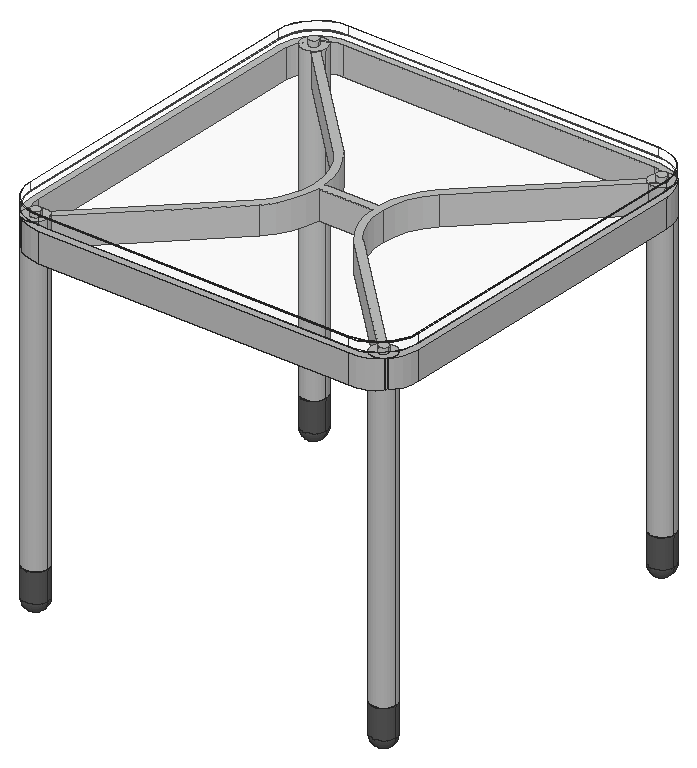
Revit family "805-20SH_Square", category Furniture, Revit 2024
Family settings
  OmniClass Number = 23.40.20.00
  OmniClass Title = General Furniture and Specialties
  Work Plane-Based = No
  Enable Cutting in Views = No
  Always vertical = Yes
  Cut with Voids When Loaded = No
  Render Appearance Source = Family Geometry
  Shared = No
  Room Calculation Point = No
Parameters
  Top Width = 1' - 7.99719"
  Overall Height = 1' - 7"
  Metal Frame = yes
  Default Elevation = 0' - 0"
  Crossbar Height = 0' - 1 15/32"
  Anklet = yes
Reference planes (in)
  plane 1 "Center Front/Back": y = 0
  plane 2: z = 0
  plane 3 "Center Left/Right": x = 0
Forms (in)
  Extrusion 1, solid, material "Powder Coat - Cement"
    sketch origin (-10, -180, 16.78125) x (-1, 0, 0) y (0, -1, 0)
      loop
        line (-8.61076, -180.19713) -> (-11.38924, -180.19713)
        arc (-11.38924, -180.19713) -> (-11.71134, -181.56834) -> (-12.47628, -182.75107) r 4.1223
        line (-12.47628, -182.75107) -> (-18.98227, -189.25706)
        arc (-18.98227, -189.25706) -> (-18.52756, -189.53264) -> (-18.00461, -189.62868) r 1.47182
        line (-18.00461, -189.62868) -> (-1.99949, -189.62868)
        arc (-1.99949, -189.62868) -> (-1.47542, -189.53189) -> (-1.02049, -189.2543) r 1.46724
        line (-1.02049, -189.2543) -> (-7.52372, -182.75107)
        arc (-7.52372, -182.75107) -> (-8.28866, -181.56834) -> (-8.61076, -180.19713) r 4.1223
      loop
        line (-7.29443, -182.45003) -> (-0.75349, -188.99097)
        arc (-0.75349, -188.99097) -> (-0.47288, -188.53403) -> (-0.375, -188.00681) r 1.46875
        line (-0.375, -188.00681) -> (-0.375, -172.00963)
        arc (-0.375, -172.00963) -> (-0.47253, -171.48334) -> (-0.75216, -171.02695) r 1.46875
        line (-0.75216, -171.02695) -> (-7.40574, -177.68054)
        arc (-7.40574, -177.68054) -> (-8.02285, -178.76911) -> (-8.24805, -180) r 3.75539
        arc (-8.24805, -180) -> (-7.99265, -181.31119) -> (-7.29443, -182.45003) r 3.75539
      loop
        arc (-8.60446, -179.82213) -> (-8.29971, -178.48078) -> (-7.57018, -177.31464) r 4.11782
        line (-7.57018, -177.31464) -> (-1.01732, -170.76179)
        arc (-1.01732, -170.76179) -> (-1.47371, -170.48216) -> (-2, -170.38463) r 1.46875
        line (-2, -170.38463) -> (-18, -170.38463)
        arc (-18, -170.38463) -> (-18.52629, -170.48216) -> (-18.98268, -170.76179) r 1.46875
        line (-18.98268, -170.76179) -> (-12.42982, -177.31464)
        arc (-12.42982, -177.31464) -> (-11.70029, -178.48078) -> (-11.39554, -179.82213) r 4.11782
        line (-11.39554, -179.82213) -> (-8.60446, -179.82213)
      loop
        line (-18, -190.00682) -> (-2, -190.00682)
        arc (-2, -190.00682) -> (-0.58579, -189.42103) -> (0, -188.00681) r 2
        line (0, -188.00681) -> (0, -172.00963)
        arc (0, -172.00963) -> (-0.58579, -170.59541) -> (-2, -170.00963) r 2
        line (-2, -170.00963) -> (-18, -170.00963)
        arc (-18, -170.00963) -> (-19.41421, -170.59541) -> (-20, -172.00963) r 2
        line (-20, -172.00963) -> (-20, -188.00682)
        arc (-20, -188.00682) -> (-19.41421, -189.42103) -> (-18, -190.00682) r 2
      loop
        arc (-19.625, -188.00681) -> (-19.52712, -188.53403) -> (-19.24651, -188.99097) r 1.46875
        line (-19.24651, -188.99097) -> (-12.70556, -182.45003)
        arc (-12.70556, -182.45003) -> (-12.00735, -181.31119) -> (-11.75195, -180) r 3.75539
        arc (-11.75195, -180) -> (-11.97715, -178.76911) -> (-12.59426, -177.68054) r 3.75539
        line (-12.59426, -177.68054) -> (-19.24784, -171.02695)
        arc (-19.24784, -171.02695) -> (-19.52747, -171.48334) -> (-19.625, -172.00963) r 1.46875
        line (-19.625, -172.00963) -> (-19.625, -188.00681)
    from 0 to 1.46875 <- "Crossbar Height"
  Extrusion 2, solid, material "Glass"
    sketch origin (-10, -180, 18.5) x (-1, 0, 0) y (0, -1, 0)
      loop
        line (-2, -170.00963) -> (-18, -170.00963)
        arc (-18, -170.00963) -> (-19.41421, -170.59541) -> (-20, -172.00963) r 2
        line (-20, -172.00963) -> (-20, -188.00682)
        arc (-20, -188.00682) -> (-19.41421, -189.42103) -> (-18, -190.00682) r 2
        line (-18, -190.00682) -> (-2, -190.00682)
        arc (-2, -190.00682) -> (-0.58579, -189.42103) -> (0, -188.00681) r 2
        line (0, -188.00681) -> (0, -172.00963)
        arc (0, -172.00963) -> (-0.58579, -170.59541) -> (-2, -170.00963) r 2
    from 0 to 0.5
  Sweep 3, void
    path in 3D
      loop
        arc (-8, 10.00682, 19) -> (-9.41421, 9.42103, 19) -> (-10, 8.00681, 19) r 2
        line (-10, 8.00681, 19) -> (-10, -7.99037, 19)
        arc (-10, -7.99037, 19) -> (-9.41422, -9.40459, 19) -> (-8, -9.99037, 19) r 2
        line (-8, -9.99037, 19) -> (8, -9.99037, 19)
        arc (8, -9.99037, 19) -> (9.41421, -9.40459, 19) -> (10, -7.99037, 19) r 2
        line (10, -7.99037, 19) -> (10, 8.00682, 19)
        arc (10, 8.00682, 19) -> (9.41421, 9.42103, 19) -> (8, 10.00682, 19) r 2
        line (8, 10.00682, 19) -> (-8, 10.00682, 19)
    profile origin (0, 10.00682, 19) x (0, -1, 0) y (0, 0, 1)
      loop
        line (0, 0) -> (0, -0.03105) -> (0.03105, 0) -> (0, 0)
      loop
        line (0, -0.5) -> (0.03105, -0.5) -> (0, -0.46895) -> (0, -0.5)
  Revolve 4, solid, material "Plastic - Black", visible <- "Anklet", not visible
    sketch origin (-11.48846, 10.32238, 48) x (-1, 0, 0) y (0, 0, 1)
      loop
        line (-0.12913, -47.99957) -> (-0.12913, -45.875) -> (-0.60742, -45.875) -> (-0.60742, -45.93757) -> (-0.7547, -45.93757) -> (-0.7547, -47.39729)
        arc (-0.7547, -47.39729) -> (-0.57001, -47.83148) -> (-0.12913, -47.99957) r 0.60271
      axis (-0.12913, -47.99957) -> (-0.12913, -45.875)
    angle from 0 to 360
  Extrusion 5, solid, material "Powder Coat - Cement", visible <- "Metal Frame", not visible
    sketch origin (-14.85933, 183.72863, 18.28119) x (-1, 0, 0) y (0, -1, 0)
      loop
        circle (-3.5, 173.40625) r 0.25
    from -0.03119 to 0.21899
  Extrusion 6, solid, material "Powder Coat - Cement", visible <- "Metal Frame"
    sketch origin (-2.46796, 2.31681, 0) x (1, 0, 0) y (0, 1, 0)
      loop
        circle (-6.5, 6.66452) r 0.62557
    from 2.125 to 18.25
  Extrusion 7, solid, material "Powder Coat - Cement", visible <- "Metal Frame"
    sketch origin (-12.46744, 182.38765, 18.28119) x (-1, 0, 0) y (0, -1, 0)
      loop
        circle (-3.5, 173.40625) r 0.25
    from -0.03119 to 0.21899
  Extrusion 8, solid, material "Powder Coat - Cement", visible <- "Metal Frame"
    sketch origin (15.46756, 15.64642, 0) x (1, 0, 0) y (0, 1, 0)
      loop
        circle (-6.5, -6.66452) r 0.62557
    from 2.125 to 18.25
  Extrusion 9, solid, material "Powder Coat - Cement", visible <- "Metal Frame"
    sketch origin (5.46809, 182.38765, 18.28119) x (-1, 0, 0) y (0, -1, 0)
      loop
        circle (-3.5, 173.40625) r 0.25
    from -0.03119 to 0.21899
  Extrusion 10, solid, material "Powder Coat - Cement", visible <- "Metal Frame"
    sketch origin (15.4678, -2.29813, 0) x (1, 0, 0) y (0, 1, 0)
      loop
        circle (-6.5, -6.66452) r 0.62557
    from 2.125 to 18.25
  Extrusion 11, solid, material "Powder Coat - Cement", visible <- "Metal Frame"
    sketch origin (5.46832, 164.44311, 18.28119) x (-1, 0, 0) y (0, -1, 0)
      loop
        circle (-3.5, 173.40625) r 0.25
    from -0.03119 to 0.21899
  Extrusion 12, solid, material "Powder Coat - Cement", visible <- "Metal Frame"
    sketch origin (-2.46796, -2.29813, 0) x (1, 0, 0) y (0, 1, 0)
      loop
        circle (-6.5, -6.66452) r 0.62557
    from 2.125 to 18.25
  Extrusion 13, solid, material "Powder Coat - Cement", visible <- "Metal Frame"
    sketch origin (-12.46744, 164.44311, 18.28119) x (-1, 0, 0) y (0, -1, 0)
      loop
        circle (-3.5, 173.40625) r 0.25
    from -0.03119 to 0.21899
  Revolve 14, solid, material "Plastic - Black", visible <- "Anklet"
    sketch origin (-9.09651, 8.98133, 48) x (-1, 0, 0) y (0, 0, 1)
      loop
        line (-0.12913, -47.99957) -> (-0.12913, -45.875) -> (-0.62912, -45.875) -> (-0.62912, -45.93757) -> (-0.7547, -45.93757) -> (-0.7547, -47.39729)
        arc (-0.7547, -47.39729) -> (-0.57001, -47.83148) -> (-0.12913, -47.99957) r 0.60271
      axis (-0.12913, -47.99957) -> (-0.12913, -45.875)
    angle from 0 to 360
  Revolve 15, solid, material "Plastic - Black", visible <- "Anklet"
    sketch origin (8.83844, 8.9819, 48) x (-1, 0, 0) y (0, 0, 1)
      loop
        line (-0.12913, -47.99957) -> (-0.12913, -45.875) -> (-0.62912, -45.875) -> (-0.62912, -45.93757) -> (-0.7547, -45.93757) -> (-0.7547, -47.39729)
        arc (-0.7547, -47.39729) -> (-0.57001, -47.83148) -> (-0.12913, -47.99957) r 0.60271
      axis (-0.12913, -47.99957) -> (-0.12913, -45.875)
    angle from 0 to 360
  Revolve 16, solid, material "Plastic - Black", visible <- "Anklet"
    sketch origin (8.83867, -8.96265, 48) x (-1, 0, 0) y (0, 0, 1)
      loop
        line (-0.12913, -47.99957) -> (-0.12913, -45.875) -> (-0.62912, -45.875) -> (-0.62912, -45.93757) -> (-0.7547, -45.93757) -> (-0.7547, -47.39729)
        arc (-0.7547, -47.39729) -> (-0.57001, -47.83148) -> (-0.12913, -47.99957) r 0.60271
      axis (-0.12913, -47.99957) -> (-0.12913, -45.875)
    angle from 0 to 360
  Revolve 17, solid, material "Plastic - Black", visible <- "Anklet"
    sketch origin (-9.09709, -8.96265, 48) x (-1, 0, 0) y (0, 0, 1)
      loop
        line (-0.12913, -47.99957) -> (-0.12913, -45.875) -> (-0.62912, -45.875) -> (-0.62912, -45.93757) -> (-0.7547, -45.93757) -> (-0.7547, -47.39729)
        arc (-0.7547, -47.39729) -> (-0.57001, -47.83148) -> (-0.12913, -47.99957) r 0.60271
      axis (-0.12913, -47.99957) -> (-0.12913, -45.875)
    angle from 0 to 360
Cuts and joins
  Sweep 3 cuts Extrusion 2
Lines and regions (in)
  sketch lines
    curve 1: line (8, 10.00682, 19) -> (-8, 10.00682, 19)
    curve 2: arc (-10, 8.00681, 19) -> (-9.41421, 9.42103, 19) -> (-8, 10.00682, 19) r 2
    curve 3: line (-10, 8.00681, 19) -> (-10, -7.99037, 19)
    curve 4: arc (-8, -9.99037, 19) -> (-9.41422, -9.40459, 19) -> (-10, -7.99037, 19) r 2
    curve 5: line (-8, -9.99037, 19) -> (8, -9.99037, 19)
    curve 6: arc (10, -7.99037, 19) -> (9.41421, -9.40459, 19) -> (8, -9.99037, 19) r 2
    curve 7: line (10, -7.99037, 19) -> (10, 8.00682, 19)
    curve 8: arc (8, 10.00682, 19) -> (9.41421, 9.42103, 19) -> (10, 8.00682, 19) r 2
  symbolic lines, style "Glass Top"
    curve 9: line (9.96895, 8.875, 18.5) -> (-9.96895, 8.875, 18.5)
    curve 10: line (-10, 8.875, 18.53105) -> (-10, 8.875, 18.96895)
    curve 11: line (-10, 8.875, 18.96895) -> (-9.96895, 8.875, 19)
    curve 12: line (-9.96895, 8.875, 19) -> (9.96895, 8.875, 19)
    curve 13: line (9.96895, 8.875, 19) -> (10, 8.875, 18.96895)
    curve 14: line (10, 8.875, 18.96895) -> (10, 8.875, 18.53105)
    curve 15: line (0, 9.97577, 18.5) -> (0, -9.95932, 18.5)
    curve 16: line (0, -9.99037, 18.53105) -> (0, -9.99037, 18.96828)
    curve 17: line (0, -9.99037, 18.96828) -> (0, -9.95865, 19)
    curve 18: line (0, -9.95865, 19) -> (0, 9.97577, 19)
    curve 19: line (0, 9.97577, 19) -> (0, 10.00682, 18.96895)
    curve 20: line (0, 10.00682, 18.96895) -> (0, 10.00682, 18.53105)
    curve 21: line (10, 0, 18.53105) -> (9.96895, 0, 18.5)
    curve 22: line (-10, 0, 18.53105) -> (-9.96895, 0, 18.5)
    curve 23: line (0, 10.00682, 18.53105) -> (0, 9.97577, 18.5)
    curve 24: line (0, -9.95932, 18.5) -> (0, -9.99037, 18.53105)
Dimensions and locks (in)
  aligned and locked: level to plane 2
